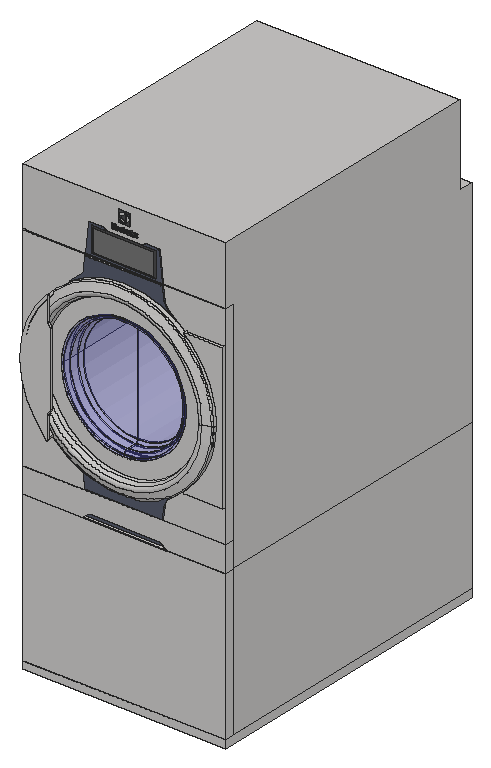
Revit family "QF_ELECTROLUXPROFESSIONAL_1L059Z_TD6-20_G", category Attrezzature speciali, Revit 2021
Family settings
  Quota connettore circolare = Usa diametro
  Tipo di parte = Normale
  Basato su piano di lavoro = No
  Sempre verticale = Sì
  Taglio con vuoti quando caricato = No
  Condiviso = No
  Punto di calcolo locali = No
Parameters (values of type "9873830289")
  Weight = 243
  Watts = 1000 W
  Volts = 200 V
  URL = "www.electroluxprofessional.com"
  Steam Pounds per Hour = 0
  Show Logo [instance] = yes
  Show Clearance [instance] = yes
  Sensible Heat Output = "0.0"
  Prospetto di default = 0 mm
  Produttore = "Electrolux Professional"
  Phase = 3
  Modello = "TD6-20"
  Length Actual = 790 mm
  Latent Heat Output = "0.0"
  Item Number = "1L0HAB"
  Height Actual = 1771 mm
  Gas KW = 0
  Descrizione = "TUMBLE DRYER TD6-20 20KG SST DRUM GPL 21KW 200/50/3 COMPASS PRO 6L85 JP SILVER DO.RIGHT DISCON. EXT.CONN."
  Depth Actual = 1202 mm
  Cycle = 50 Hz
  Corrente [instance] = "0.0"
Types (42, lengths in mm): name | Watts | Volts | Phase | Item Number | Gas KW | Descrizione | Cycle | Corrente
  (no name) | 1000 W | 200 V | 3 | "1L0HAB" | 0 | "TUMBLE DRYER TD6-20 20KG SST DRUM GPL 21KW 200/50/3 COMPASS PRO 6L85 JP SILVER DO.RIGHT DISCON. EXT.CONN." | 50 Hz | "0.0"
  9873830214 | 1000 W | 400 V | 3 | "1LSPAE" | 21 | "TUMBLE DRYER TD6-20 20KG SST DRUM GAS 21KW 400/50/3N COMPASS PRO 6L80 EU SILVER DO.RIGHT EXT.PM. DISCON. 2.I/O" | 50 Hz | "1.4"
  9873830067 | 1200 W | 240 V | 1 | "1L0EHL" | 21 | "TUMBLE DRYER TD6-20 20KG GALVA.DRUM GAS 21KW 208-240/60/1 COMPASS PRO 6G82 EU SILVER DO.RIGHT STOP DISCON. EXT.CONN." | 60 Hz | "5.8"
  9873830032 | 1000 W | 400 V | 3 | "1L0EDG" | 21 | "TUMBLE DRYER TD6-20 20KG SST DRUM GAS 21KW 400/50/3 COMPASS PRO 6G81 EU SILVER DO.RIGHT MB STOP DISCON." | 50 Hz | "1.4"
  9873830022 | 1000 W | 240 V | 3 | "1LSN2R" | 21 | "TUMBLE DRYER TD6-20 20KG GALVA.DRUM GAS 21KW 240/60/3 COMPASS PRO 6G81 EU SILVER DO.RIGHT MB STOP DISCON." | 60 Hz | "2.4"
  9873830227 | 1200 W | 240 V | 1 | "1L0GNG" | 21 | "TUMBLE DRYER TD6-20 20KG GALVA.DRUM GAS 21KW 240/50/1N COMPASS PRO 6L80 EU SILVER DO.RIGHT EXT.PM. 2.I/O" | 50 Hz | "5.0"
  9873830110 | 1000 W | 400 V | 3 | "1LSN52" | 21 | "TUMBLE DRYER TD6-20 20KG GALVA.DRUM GAS 21KW 400/50/3N COMPASS PRO 6G81 EU SILVER DO.RIGHT MB STOP DISCON." | 50 Hz | "1.4"
  9873830100 | 1200 W | 230 V | 1 | "1L0EJG" | 21 | "TUMBLE DRYER TD6-20 20KG GALVA.DRUM GAS 21KW 230/50/1N COMPASS PRO 6G81 EU SILVER DO.RIGHT MB STOP DISCON." | 50 Hz | "5.2"
  9873830128 | 1000 W | 415 V | 3 | "1LSN8P" | 21 | "TUMBLE DRYER TD6-20 20KG SST DRUM GAS 21KW 380-415/60/3 COMPASS PRO 6G81 EU SST DO.LEFT MB STOP DISCON." | 60 Hz | "1.5"
  9873830190 | 1200 W | 240 V | 1 | "1LSNVC" | 21 | "TUMBLE DRYER TD6-20 20KG GALVA.DRUM GAS 21KW 240/60/1N COMPASS PRO 6G82 EU SILVER DO.RIGHT STOP DISCON." | 60 Hz | "5.0"
  9873830178 | 1000 W | 400 V | 3 | "1LSNSH" | 21 | "TUMBLE DRYER TD6-20 20KG GALVA.DRUM GAS 21KW 400/50/3 COMPASS PRO 6L80 EU SILVER DO.RIGHT" | 50 Hz | "1.4"
  9873830071 | 1200 W | 240 V | 1 | "1L0EHR" | 21 | "TUMBLE DRYER TD6-20 20KG GALVA.DRUM GAS 21KW 208-240/60/1 COMPASS PRO 6G81 EU SILVER DO.RIGHT MB STOP DISCON. EXT.CONN." | 60 Hz | "5.8"
  9873830091 | 1000 W | 415 V | 3 | "1L80E6" | 21 | "TUMBLE DRYER TD6-20 20KG GALVA.DRUM GAS 21KW 380-415/50/3 COMPASS PRO 6L80 EU SILVER DO.RIGHT EXT.PM. DISCON. 2.I/O" | 50 Hz | "1.5"
  9873830125 | 1200 W | 230 V | 1 | "1LSN8H" | 21 | "TUMBLE DRYER TD6-20 20KG GALVA.DRUM GAS 21KW 230/50/1N COMPASS PRO 6L80 EU SILVER DO.RIGHT EXT.PM. DISCON. 2.I/O" | 50 Hz | "5.2"
  9873830175 | 1200 W | 230 V | 1 | "1LSNSE" | 21 | "TUMBLE DRYER TD6-20 20KG GALVA.DRUM GAS 21KW 230/50/1N COMPASS PRO 6L80 EU SILVER DO.LEFT" | 50 Hz | "5.2"
  9873830099 | 1000 W | 400 V | 3 | "1L0EJ1" | 21 | "TUMBLE DRYER TD6-20 20KG GALVA.DRUM GAS 21KW 400/50/3 COMPASS PRO 6G81 EU SILVER DO.RIGHT MB STOP DISCON." | 50 Hz | "1.4"
  9873830122 | 1000 W | 240 V | 3 | "1L0EL1" | 21 | "TUMBLE DRYER TD6-20 20KG GALVA.DRUM GAS 21KW 208-240/60/3 COMPASS PRO 6L80 EU SILVER DO.LEFT" | 60 Hz | "2.8"
  9873830102 | 1000 W | 415 V | 3 | "1L0EJJ" | 21 | "TUMBLE DRYER TD6-20 20KG SST DRUM GAS 21KW 380-415/60/3 COMPASS PRO 6G81 EU SST DO.RIGHT.INS. MB STOP DISCON. EXT.CONN." | 60 Hz | "1.5"
  9873830235 | 1000 W | 220 V | 3 | "1L0GVX" | 21 | "TUMBLE DRYER TD6-20 20KG SST DRUM GAS 21KW 220/60/3 COMPASS PRO 6G82 EU SILVER DO.RIGHT STOP DISCON." | 60 Hz | "2.6"
  9873830172 | 1000 W | 230 V | 3 | "1LSNPT" | 21 | "TUMBLE DRYER TD6-20 20KG GALVA.DRUM GAS 21KW 230/50/3 COMPASS PRO 6G81 EU SILVER DO.RIGHT MB STOP DISCON." | 50 Hz | "2.5"
  9873830215 | 1000 W | 400 V | 3 | "1LSPAF" | 21 | "TUMBLE DRYER TD6-20 20KG SST DRUM GAS 21KW 400/50/3N COMPASS PRO 6G82 EU SILVER DO.RIGHT STOP DISCON." | 50 Hz | "1.4"
  9873830033 | 1000 W | 400 V | 3 | "1L0EDH" | 21 | "TUMBLE DRYER TD6-20 20KG SST DRUM GAS 21KW 400/50/3 COMPASS PRO 6G82 EU SILVER DO.RIGHT STOP DISCON." | 50 Hz | "1.4"
  9873830192 | 1000 W | 240 V | 3 | "1LSNYA" | 21 | "TUMBLE DRYER TD6-20 20KG GALVA.DRUM GAS 21KW 208-240/60/3 COMPASS PRO 6G82 EU SILVER DO.RIGHT STOP DISCON. EXT.CONN." | 60 Hz | "2.8"
  9873830200 | 1200 W | 230 V | 1 | "1LA0AG" | 21 | "TUMBLE DRYER TD6-20 20KG GALVA.DRUM GAS 21KW 230/50/1N COMPASS PRO 6G81 EU SILVER DO.LEFT MB STOP DISCON." | 50 Hz | "5.2"
  9873830270 | 1000 W | 200 V | 3 | "1LT5ZF" | 0 | "TUMBLE DRYER TD6-20 20KG SST DRUM GPL 21KW 200/50/3 COMPASS PRO 6G86 JP SILVER DO.RIGHT DISCON." | 50 Hz | "0.0"
  9873830290 | 1000 W | 200 V | 3 | "1L0HAC" | 0 | "TUMBLE DRYER TD6-20 20KG SST DRUM GPL 21KW 200/60/3 COMPASS PRO 6L85 JP SILVER DO.RIGHT DISCON. EXT.CONN." | 60 Hz | "0.0"
  9873830177 | 1200 W | 230 V | 1 | "1LSNSG" | 21 | "TUMBLE DRYER TD6-20 20KG SST DRUM GAS 21KW 230/50/1N COMPASS PRO 6L80 EU SILVER DO.RIGHT" | 50 Hz | "5.2"
  9873830302 | 1000 W | 400 V | 3 | "1LT6HY" | 0 | "TUMBLE DRYER TD6-20 20KG SST DRUM GAS 21KW 400/50/3 COMPASS PRO 6G81 EU SILVER DO.RIGHT MB DSC STOP DISCON." | 50 Hz | "0.0"
  9873830187 | 1200 W | 240 V | 1 | "1LSNV9" | 21 | "TUMBLE DRYER TD6-20 20KG GALVA.DRUM GAS 21KW 240/60/1N COMPASS PRO 6G81 EU SILVER DO.RIGHT MB STOP DISCON." | 60 Hz | "5.0"
  9873830288 | 1000 W | 240 V | 1 | "1L0H9R" | 0 | "TUMBLE DRYER TD6-20 20KG SST DRUM GAS 21KW 208-240/60/1 COMPASS PRO 6G81 EU SST DO.LEFT MB STOP DISCON." | 60 Hz | "0.0"
  9873830213 | 1000 W | 415 V | 3 | "1LSPAD" | 21 | "TUMBLE DRYER TD6-20 20KG GALVA.DRUM GAS 21KW 380-415/50/3N COMPASS PRO 6L80 EU SILVER DO.RIGHT EXT.PM. DISCON. 2.I/O" | 50 Hz | "1.5"
  9873830066 | 1000 W | 400 V | 3 | "1L0EHK" | 21 | "TUMBLE DRYER TD6-20 20KG SST DRUM GAS 21KW 400/50/3 COMPASS PRO 6L80 EU SILVER DO.RIGHT EXT.PM. DISCON. 2.I/O" | 50 Hz | "1.4"
  9873830273 | 1000 W | 200 V | 3 | "1LT5ZJ" | 0 | "TUMBLE DRYER TD6-20 20KG SST DRUM GPL 21KW 200/60/3 COMPASS PRO 6G86 JP SILVER DO.RIGHT DISCON." | 60 Hz | "0.0"
  9873830293 | 1000 W | 230 V | 1 | "1LM09V" | 0 | "TUMBLE DRYER TD6-20 20KG GALVA.DRUM GAS 21KW 230/50/1N COMPASS PRO 6L80 EU SILVER DO.RIGHT" | 50 Hz | "0.0"
  9873830114 | 1000 W | 400 V | 3 | "1LSN62" | 21 | "TUMBLE DRYER TD6-20 20KG GALVA.DRUM GAS 21KW 400/50/3N COMPASS PRO 6G81 EU SILVER DO.RIGHT.INS. MB STOP DISCON." | 50 Hz | "1.4"
  9873830121 | 1200 W | 240 V | 1 | "1L0EL0" | 21 | "TUMBLE DRYER TD6-20 20KG GALVA.DRUM GAS 21KW 208-240/60/1 COMPASS PRO 6L80 EU SILVER DO.LEFT" | 60 Hz | "5.8"
  9873830216 | 1000 W | 400 V | 3 | "1LSPAG" | 21 | "TUMBLE DRYER TD6-20 20KG SST DRUM GAS 21KW 400/50/3N COMPASS PRO 6G81 EU SILVER DO.RIGHT MB STOP DISCON." | 50 Hz | "1.4"
  9873830101 | 1200 W | 230 V | 1 | "1L0EJH" | 21 | "TUMBLE DRYER TD6-20 20KG GALVA.DRUM GAS 21KW 230/50/1N COMPASS PRO 6G82 EU SILVER DO.RIGHT STOP DISCON." | 50 Hz | "5.2"
  9873830119 | 1000 W | 415 V | 3 | "1L8219" | 21 | "TUMBLE DRYER TD6-20 20KG GALVA.DRUM GAS 21KW 380-415/50/3N COMPASS PRO 6G82 EU SILVER DO.LEFT STOP DISCON." | 50 Hz | "1.5"
  9873830070 | 1200 W | 240 V | 1 | "1L0EHP" | 21 | "TUMBLE DRYER TD6-20 20KG SST DRUM GAS 21KW 208-240/60/1 COMPASS PRO 6G82 EU SST DO.RIGHT.INS. STOP DISCON. EXT.CONN." | 60 Hz | "5.8"
  9873830259 | 1000 W | 415 V | 3 | "1L0H1W" | 21 | "TUMBLE DRYER TD6-20 20KG SST DRUM GAS 21KW 380-415/60/3 COMPASS PRO 6G82 EU SST DO.RIGHT DSC STOP DISCON." | 60 Hz | "1.5"
  9873830289 | 1000 W | 200 V | 3 | "1L0HAB" | 0 | "TUMBLE DRYER TD6-20 20KG SST DRUM GPL 21KW 200/50/3 COMPASS PRO 6L85 JP SILVER DO.RIGHT DISCON. EXT.CONN." | 50 Hz | "0.0"
Reference planes
  plane 1: z = 0
  plane 2 "BACK": y = 652.5
  plane 3 "FRONT": y = -549.5
  plane 4 "LEFT": x = -799
  plane 5 "RIGHT": x = -6
  plane 6 "TOP": z = 1771
  plane 7: y = -601.5
  plane 8: y = -1323.5
Forms (mm)
  Extrusion 1, solid, material "QF_Finishes_Stainless Steel"
    sketch origin (718.1, -398.1, 598.796) x (0, 0, -1) y (0, 1, 0)
      loop
        line (-14.704, 1050.6) -> (-855.66, 1050.6) -> (-855.66, 994.6) -> (-941.204, 994.6) -> (-941.204, -115.453) -> (-14.704, -115.453) -> (-14.704, 1050.6)
    from -1517.1 to -724.1
  Extrusion 2, solid, material "QF_Finishes_Stainless Steel"
    sketch origin (718.1, -368.1, 598.796) x (0, 0, -1) y (0, 1, 0)
      loop
        line (568.796, -145.453) -> (568.796, 1020.6) -> (-14.704, 1020.6) -> (-14.704, -145.453) -> (568.796, -145.453)
    from -1517.1 to -724.1
  Sweep 3, solid, material "QF_Finishes_Black"
    path origin (686.327, -549.5, 1684.42) x (0, 0, -1) y (1, 0, 0)
      loop
        line (131.445, -962.809) -> (32.707, -962.809) -> (32.707, -1214.809) -> (131.445, -1214.809) -> (131.445, -962.809)
    profile origin (-276.482, -549.5, 1602.344) x (-1, 0, 0) y (0, -1, 0)
      loop
        line (5, 0) -> (5, 5)
        arc (5, 5) -> (1.464, 3.536) -> (0, 0) r 5
        line (0, 0) -> (5, 0)
  Extrusion 4, solid, material "QF_Finishes_Dark Grey"
    sketch origin (686.327, -549.5, 1684.42) x (0, 0, -1) y (1, 0, 0)
      loop
        line (126.445, -1209.809) -> (126.445, -967.809) -> (37.707, -967.809) -> (37.707, -1209.809) -> (126.445, -1209.809)
    from 0 to 4
  Extrusion 5, void
    sketch origin (889, -517.06, 1195.994) x (0, 0, -1) y (1, 0, 0)
      loop
        circle (69.994, -1291.5) r 245
    from -451.9 to 33.109
  Extrusion 6, solid, material "QF_Finishes_Stainless Steel"
    sketch origin (718.1, 596.5, 1540) x (0, 0, -1) y (-1, 0, 0)
      loop
        circle (43, 786.1) r 12.7
    from 0 to 5
  Extrusion 7, solid, material "QF_Finishes_Stainless Steel"
    sketch origin (653.455, 652.5, 172.018) x (0, 0, 1) y (1, 0, 0)
      loop
        circle (67.982, -1277.455) r 100
    from 0 to 5
  Extrusion 8, solid, material "QF_Finishes_Stainless Steel"
    sketch origin (-499, 0, 0) x (0, 1, 0) y (0, 0, 1)
      loop
        line (596.5, 1540) -> (596.5, 1771) -> (-549.5, 1771) -> (-549.5, 1541.816)
        arc (-549.5, 1541.816) -> (-548.968, 1540.532) -> (-547.684, 1540) r 1.816
        line (-547.684, 1540) -> (596.5, 1540)
    from -300 to 493
  Extrusion 9, solid, material "QF_Finishes_Stainless Steel"
    sketch origin (0, 0, 1114.3) x (-1, 0, 0) y (0, -1, 0)
      loop
        line (799, -652.5) -> (799, 549.5) -> (6, 549.5) -> (6, -652.5) -> (799, -652.5)
    from -1114.3 to -1084.3
  Extrusion 10, solid, material "QF_Finishes_Stainless Steel"
    sketch origin (-499, -118.96, 0) x (0, 1, 0) y (0, 0, 1)
      loop
        line (-394.593, 1540) -> (-430.54, 1540) -> (-430.54, 713.5) -> (-394.593, 713.5) -> (-394.593, 1540)
    from -300 to 493
  Extrusion 11, solid, material "QF_Finishes_Stainless Steel"
    sketch origin (-499, -118.96, 0) x (0, 1, 0) y (0, 0, 1)
      loop
        line (-430.54, 713.5) -> (-430.54, 613.5) -> (-394.593, 613.5) -> (-394.593, 713.5) -> (-430.54, 713.5)
    from -300 to 493
  Extrusion 12, solid, material "QF_Finishes_Stainless Steel"
    sketch origin (-499, -118.96, 0) x (0, 1, 0) y (0, 0, 1)
      loop
        line (-394.593, 613.5) -> (-430.54, 613.5) -> (-430.54, 30) -> (-394.593, 30) -> (-394.593, 613.5)
    from -300 to 493
  Sweep 13, solid, material "QF_Finishes_Stainless Steel"
    path origin (-409, -549.5, 1444.576) x (0, 0, -1) y (1, 0, 0)
      loop
        circle (318.576, 6.5) r 366.295
    profile origin (-402.5, -549.5, 1492.295) x (0, 0, -1) y (0, -1, 0)
      loop
        line (0, 0) -> (60.401, 0)
        arc (60.401, 0) -> (59.825, 6.814) -> (57.535, 13.257) r 26.651
        line (57.535, 13.257) -> (49.537, 28.994)
        arc (49.537, 28.994) -> (42.511, 35.32) -> (33.058, 35.302) r 13.156
        line (33.058, 35.302) -> (4.309, 24.168)
        arc (4.309, 24.168) -> (1.18, 21.691) -> (0, 17.88) r 6.744
        line (0, 17.88) -> (0, 0)
  Extrusion 14, solid, material "QF_Finishes_Stainless Steel"
    sketch origin (889, -689.525, 1195.994) x (0, 0, -1) y (1, 0, 0)
      loop
        line (353.669, -897.598) -> (-212.997, -897.549) -> (-213.01, -1046.361)
        arc (-213.01, -1046.361) -> (-212.131, -1048.481) -> (-210.011, -1049.36) r 2.999
        line (-210.011, -1049.36) -> (-204.852, -1049.36)
        arc (-204.852, -1049.36) -> (-80.8, -957.683) -> (69.994, -925.205) r 366.295
        arc (69.994, -925.205) -> (220.927, -957.746) -> (345.042, -1049.589) r 366.295
        line (345.042, -1049.589) -> (350.683, -1049.589)
        arc (350.683, -1049.589) -> (352.804, -1048.711) -> (353.682, -1046.59) r 2.999
        line (353.682, -1046.59) -> (353.669, -897.598)
    from -140.025 to -130.025
  Revolve 15, solid, material "QF_Door-Drawer Clearances", visible <- "Show Clearance", detail levels coarse
    sketch origin (889, -601.5, 1195.994) x (0, 0, -1) y (1, 0, 0)
      loop
        circle (69.994, -1291.5) r 366.295
      axis (69.994, -924.023) -> (68.994, -924.023)
    angle from 0 to -90
  Revolve 16, solid, material "QF_Finishes_Glass"
    sketch origin (-402.863, -289.313, 555.02) x (0, 1, 0) y (0, 0, 1)
      loop
        arc (-190.673, 783.338) -> (-195.066, 793.945) -> (-205.673, 798.338) r 15
        line (-205.673, 798.338) -> (-244.95, 798.338)
        arc (-244.95, 798.338) -> (-252.021, 801.267) -> (-254.95, 808.338) r 10
        line (-254.95, 808.338) -> (-254.95, 816.338) -> (-259.95, 816.338) -> (-259.95, 808.338)
        arc (-259.95, 808.338) -> (-255.556, 797.732) -> (-244.95, 793.338) r 15
        line (-244.95, 793.338) -> (-205.673, 793.338)
        arc (-205.673, 793.338) -> (-198.602, 790.409) -> (-195.673, 783.338) r 10
        line (-195.673, 783.338) -> (-195.673, 570.975) -> (-190.673, 570.975) -> (-190.673, 783.338)
      axis (-259.95, 570.975) -> (-190.673, 570.975)
    angle from 0 to 360
  Extrusion 17, solid, material "QF_Finishes_Stainless Steel"
    sketch origin (-529, -549.5, 1444.576) x (0, 0, -1) y (1, 0, 0)
      loop
        arc (176.622, -119.08) -> (174.216, -119.45) -> (172.033, -120.527) r 8
        line (172.033, -120.527) -> (158.099, -130.284)
        arc (158.099, -130.284) -> (155.934, -131.338) -> (153.554, -131.7) r 8
        line (153.554, -131.7) -> (65.736, -131.7)
        arc (65.736, -131.7) -> (63.285, -133.352) -> (63.896, -136.244) r 2.645
        arc (63.896, -136.244) -> (318.617, -239.419) -> (573.315, -136.187) r 365.919
        arc (573.315, -136.187) -> (573.918, -133.331) -> (571.497, -131.7) r 2.612
        line (571.497, -131.7) -> (483.599, -131.7)
        arc (483.599, -131.7) -> (481.193, -131.33) -> (479.01, -130.253) r 8
        line (479.01, -130.253) -> (465.119, -120.527)
        arc (465.119, -120.527) -> (462.936, -119.45) -> (460.53, -119.08) r 8
        line (460.53, -119.08) -> (176.622, -119.08)
    from 47.713 to 52
  Extrusion 18, solid, material "QF_Finishes_Stainless Steel"
    sketch origin (-529, -601.5, 1444.576) x (0, 0, -1) y (1, 0, 0)
      loop
        arc (63.896, -136.244) -> (318.617, -239.419) -> (573.315, -136.187) r 365.919
        line (573.315, -136.187) -> (563.547, -131.7)
        arc (563.547, -131.7) -> (318.584, -229.419) -> (73.616, -131.711) r 355.919
        line (73.616, -131.711) -> (63.896, -136.244)
    from -4.287 to -34.753
  Extrusion 19, void
    sketch origin (-401.334, -549.5, 611.842) x (0, 0, 1) y (1, 0, 0)
      loop
        arc (1.908, -169.725) -> (2.027, -168.962) -> (2.374, -168.272) r 2.499
        line (2.374, -168.272) -> (21.699, -140.672)
        arc (21.699, -140.672) -> (23.335, -137.382) -> (23.898, -133.751) r 11.994
        line (23.898, -133.751) -> (23.897, 130.467)
        arc (23.897, 130.467) -> (23.336, 134.095) -> (21.703, 137.383) r 11.994
        line (21.703, 137.383) -> (2.374, 164.988)
        arc (2.374, 164.988) -> (2.027, 165.678) -> (1.908, 166.441) r 2.499
        line (1.908, 166.441) -> (1.908, -169.725)
    from 0 to 13.427
  Extrusion 20, solid, material "QF_Finishes_Blue"
    sketch origin (-499, -549.5, 893.425) x (0, 0, 1) y (-1, 0, 0)
      loop
        arc (767.274, 37.584) -> (765.819, 41.099) -> (762.304, 42.555) r 4.971
        line (762.304, 42.555) -> (650.575, 54.795) -> (650.575, -247.832) -> (761.659, -235.663)
        arc (761.659, -235.663) -> (765.63, -234.018) -> (767.274, -230.047) r 5.615
        line (767.274, -230.047) -> (767.274, -186.505)
        arc (767.274, -186.505) -> (766.484, -180.953) -> (764.209, -175.828) r 20.351
        line (764.209, -175.828) -> (758.288, -166.304) -> (758.288, -222.518) -> (659.55, -222.518) -> (659.55, 29.482) -> (758.288, 29.482) -> (758.288, -26.732) -> (764.209, -17.208)
        arc (764.209, -17.208) -> (766.483, -12.086) -> (767.274, -6.538) r 20.35
        line (767.274, -6.538) -> (767.274, 37.584)
    from 0 to 1.6
  Extrusion 21, solid, material "QF_Finishes_Blue"
    sketch origin (-499, -549.5, 893.425) x (0, 0, 1) y (-1, 0, 0)
      loop
        arc (594.486, 60.933) -> (579.244, 65.533) -> (566.695, 75.331) r 43.3
        line (566.695, 75.331) -> (532.276, 114.098)
        arc (532.276, 114.098) -> (598.87, -96.026) -> (532.82, -306.322) r 366.295
        line (532.82, -306.322) -> (566.695, -268.167)
        arc (566.695, -268.167) -> (579.244, -258.37) -> (594.486, -253.77) r 43.3
        line (594.486, -253.77) -> (642.075, -248.6) -> (642.075, 55.764) -> (594.486, 60.933)
    from 0 to 1.6
  Extrusion 22, solid, material "QF_Finishes_Blue"
    sketch origin (-499, -549.5, 893.425) x (0, 0, 1) y (-1, 0, 0)
      loop
        line (-129.403, 60.926) -> (-176.925, 55.764) -> (-176.925, -248.6) -> (-129.403, -253.763)
        arc (-129.403, -253.763) -> (-114.123, -258.355) -> (-101.544, -268.169) r 43.3
        line (-101.544, -268.169) -> (-67.671, -306.321)
        arc (-67.671, -306.321) -> (-133.72, -96.026) -> (-67.127, 114.098) r 366.295
        line (-67.127, 114.098) -> (-101.544, 75.332)
        arc (-101.544, 75.332) -> (-114.123, 65.518) -> (-129.403, 60.926) r 43.3
    from 0 to 1.6
  Extrusion 23, solid, material "QF_Finishes_Stainless Steel"
    sketch origin (718.1, 596.5, 1540) x (0, 0, -1) y (-1, 0, 0)
      loop
        circle (43, 834.1) r 12.7
    from 0 to 5
Cuts and joins
  Extrusion 5 cuts Extrusion 1
  Extrusion 5 cuts Extrusion 8
  joined: Extrusion 1, Extrusion 8
  Extrusion 5 cuts Extrusion 10
  Extrusion 19 cuts Extrusion 11
  joined: Sweep 13, Extrusion 14, Extrusion 17, Extrusion 18
Lines and regions (mm)
  Split face 1
    outline origin (-6, -549.5, 1540) x (-1, 0, 0) y (0, 0, -1)
      loop
        circle (396.5, 414) r 305.895
  symbolic lines
    curve 1: line (-6, 652.5, 1771) -> (-799, 652.5, 1771)
    curve 2: line (-799, -549.5, 1771) -> (-6, -549.5, 1771)
    curve 3: line (-6, 652.5, 0) -> (-6, -549.5, 0)
    curve 4: line (-799, 652.5, 0) -> (-799, -549.5, 0)
    curve 6: line (-6, 596.5, 0) -> (-799, 596.5, 0)
  symbolic lines, style "QF_Door-Drawer Clearances", visible <- "Show Clearance"
    curve 5: line (-6, -1323.5, 0) -> (-6, -549.5, 0)
    curve 7: arc (-768.795, -549.5, 0) -> (-549.88, -1096.63, 0) -> (-6, -1323.5, 0) r 761.144
  symbolic lines, style "SpecialityEquipment"
    curve 8: line (-8.549, -559.5, 0) -> (-8.549, -549.5, 0)
    curve 9: line (-160.36, -559.5, 0) -> (-8.549, -559.5, 0)
    curve 10: line (-160.36, -549.5, 0) -> (-160.36, -559.5, 0)
    curve 11: line (-768.419, -601.5, 0) -> (-659.284, -601.5, 0)
    curve 12: line (-659.284, -597.213, 0) -> (-758.419, -597.213, 0)
    curve 13: line (-758.419, -569.602, 0) -> (-758.419, -597.213, 0)
    curve 14: line (-659.284, -597.213, 0) -> (-659.284, -601.5, 0)
    curve 15: line (-768.419, -569.602, 0) -> (-758.419, -569.602, 0)
    curve 16: line (-74.013, -585.689, 0) -> (-758.419, -585.689, 0)
    curve 17: line (-768.419, -569.602, 0) -> (-768.419, -601.5, 0)
    curve 18: line (-40.513, -573.668, 0) -> (-758.419, -573.668, 0)
    curve 19: line (-768.795, -549.5, 0) -> (-768.795, -567.38, 0)
    curve 20: arc (-768.795, -567.38, 0) -> (-768.701, -568.507, 0) -> (-768.419, -569.602, 0) r 6.744
    curve 21: line (-36.205, -559.5, 0) -> (-36.205, -567.38, 0)
    curve 22: line (-40.513, -573.668, 0) -> (-69.262, -584.802, 0)
    curve 23: arc (-36.205, -567.38, 0) -> (-37.385, -571.191, 0) -> (-40.513, -573.668, 0) r 6.744
    curve 24: arc (-74.013, -585.689, 0) -> (-71.597, -585.465, 0) -> (-69.262, -584.802, 0) r 13.156
Dimensions and locks
  plane 4 "LEFT" to plane 5 "RIGHT" = 793 mm
  plane 2 "BACK" to plane 3 "FRONT" = 1202 mm
  plane 6 "TOP" to level = 1771 mm
  Extrusion 2 to Extrusion 2 = 583.5 mm
  Extrusion 6 sketch curve to plane 6 "TOP" = 274 mm
  plane 5 "RIGHT" to Extrusion 6 sketch curve = 62 mm
  Extrusion 23 sketch curve to plane 6 "TOP" = 274 mm
  plane 5 "RIGHT" to Extrusion 23 sketch curve = 110 mm
  level to Extrusion 7 sketch curve = 240 mm
  Extrusion 7 sketch curve to plane 4 "LEFT" = 175 mm
  plane 2 "BACK" to plane 7 = 1254 mm
  plane 2 "BACK" to plane 8 = 1976 mm
  aligned and locked: level to plane 1
  aligned and locked: Extrusion 1 to plane 4 "LEFT"
  aligned and locked: plane 5 "RIGHT" to Extrusion 1
  aligned and locked: Extrusion 2 to plane 4 "LEFT"
  aligned and locked: plane 5 "RIGHT" to Extrusion 2
  aligned and locked: plane 5 "RIGHT" to Extrusion 8
  aligned and locked: Extrusion 8 to plane 4 "LEFT"
  aligned and locked: plane 5 "RIGHT" to Extrusion 12
  aligned and locked: Extrusion 12 to plane 4 "LEFT"
  aligned and locked: Extrusion 11 to plane 4 "LEFT"
  aligned and locked: plane 5 "RIGHT" to Extrusion 11
  aligned and locked: Extrusion 10 to plane 4 "LEFT"
  aligned and locked: plane 5 "RIGHT" to Extrusion 10
  aligned and locked: Extrusion 18 to Extrusion 17
Nested families
  nested 1: "ELX_Logo_S_New" at (-415.511, -549.5, 1674.59) x (1, 0, 0) z (0, -1, 0), visible <- "Show Logo", type "ELX_Logo_S_New"
    with Material QF_Finishes_Black
  nested 2: "ELX_Logo_Symbol_S" at (-394.886, -549.5, 1729.274) x (-1, 0, 0) z (0, -1, 0), visible <- "Show Logo", type "ELX_Logo_Symbol_S"
    with Material QF_Finishes_Black
Connectors
  piping at (-624, 657.5, 240), diameter 200
    settings: on Extrusion 7, index 3, connector inside diameter 609.6 mm, connector length 0 mm, flow factor 0, pipe flow 0.0 L/s, pressure drop 0.0 Pa, fitting loss kfactor 0, connector angle 0.00°, fixture units 0, engagement length 0 mm, angle of deflection 0.00°, flow configuration 1, flow direction 2, fitting loss method 0, system type 7, joint type 0, gender type 0, connector reference index -1, connector utility 0, adjustable connector no, is connector primary yes, connector description "Exhaust Connection"
  electrical at (-68, 601.5, 1497)
    settings: on Extrusion 6, index 4, voltage 0 V, apparent load 0 VA, apparent load phase1 0 VA, apparent load phase2 0 VA, apparent load phase3 0 VA, power factor 1, load classification "Other", number of poles 1, system type 30, power factor state 1, is connector primary yes, connector utility no, sub classification motor no, connector description "Electrical Connection"
  piping at (-116, 601.5, 1497), diameter 25.4
    settings: on Extrusion 23, index 5, connector inside diameter 609.6 mm, connector length 0 mm, flow factor 0, pipe flow 0.0 L/s, pressure drop 0.0 Pa, fitting loss kfactor 0, connector angle 0.00°, fixture units 0, engagement length 0 mm, angle of deflection 0.00°, flow configuration 1, flow direction 1, fitting loss method 0, system type 7, joint type 0, gender type 0, connector reference index -1, connector utility 0, adjustable connector no, is connector primary no, connector description "Gas Connection"
Definition of nested family "ELX_Logo_S_New"
  Parameters
    Material [instance] = none
    Default Elevation = 0 mm
  Reference planes
    plane 1 "Centro (Fronte/Retro)": y = 0
    plane 2: z = 0
    plane 3 "Centro (Sinistra/Destra)": x = 0
  Forms (mm)
    Extrusion 1, solid
      sketch origin (0, 0, 0) x (1, 0, 0) y (0, 1, 0)
        loop
          line (-1219.2, 1219.2) -> (-1219.2, -1219.2) -> (1219.2, -1219.2) -> (1219.2, 1219.2) -> (-1219.2, 1219.2)
      from 0 to -304.8
    Extrusion 2, solid, material <- "Material"
      sketch origin (0, 0, 0) x (1, 0, 0) y (0, 1, 0)
        loop
          spline (-31.006, -2.781) -> (-31.24, -2.771) -> (-31.49, -2.739) -> (-31.748, -2.68) -> (-32.009, -2.591) -> (-32.264, -2.469) -> (-32.508, -2.308) -> (-32.732, -2.105) -> (-32.932, -1.857) -> (-33.099, -1.559) -> (-33.226, -1.207) -> (-33.308, -0.798) -> (-33.337, -0.327)
          line (-33.337, -0.327) -> (-33.337, 1.761) -> (-26.444, 1.761) -> (-26.444, 4.423) -> (-33.338, 4.423) -> (-33.338, 8.299) -> (-26.005, 8.299) -> (-26.005, 10.954) -> (-36.159, 10.954) -> (-36.159, -0.206)
          spline (-36.159, -0.206) -> (-36.134, -0.893) -> (-36.057, -1.54) -> (-35.927, -2.145) -> (-35.743, -2.707) -> (-35.503, -3.222) -> (-35.206, -3.689) -> (-34.85, -4.106) -> (-34.433, -4.47) -> (-33.955, -4.779) -> (-33.414, -5.031) -> (-32.809, -5.223) -> (-32.137, -5.354)
          line (-32.137, -5.354) -> (-31.029, -5.433) -> (-25.809, -5.433) -> (-25.809, -2.781) -> (-31.006, -2.781)
        loop
          line (-23.804, 3.211) -> (-23.804, -5.437) -> (-20.982, -5.437) -> (-20.982, 10.958) -> (-23.804, 10.958) -> (-23.804, 3.211)
        loop
          spline (-7.052, -0.2) -> (-7.034, 0.688) -> (-7.119, 1.546) -> (-7.304, 2.368) -> (-7.586, 3.144) -> (-7.962, 3.868) -> (-8.426, 4.531) -> (-8.977, 5.126) -> (-9.61, 5.644) -> (-10.321, 6.077) -> (-11.107, 6.419) -> (-11.964, 6.66) -> (-12.889, 6.793)
          spline (-12.889, 6.793) -> (-13.767, 6.742) -> (-14.602, 6.592) -> (-15.387, 6.346) -> (-16.116, 6.008) -> (-16.782, 5.583) -> (-17.379, 5.073) -> (-17.902, 4.483) -> (-18.343, 3.816) -> (-18.697, 3.077) -> (-18.958, 2.269) -> (-19.119, 1.395) -> (-19.174, 0.46)
          spline (-19.174, 0.46) -> (-19.121, -0.452) -> (-18.964, -1.304) -> (-18.71, -2.094) -> (-18.362, -2.816) -> (-17.926, -3.468) -> (-17.406, -4.045) -> (-16.808, -4.544) -> (-16.137, -4.96) -> (-15.397, -5.291) -> (-14.594, -5.532) -> (-13.733, -5.679) -> (-12.817, -5.729)
          spline (-12.817, -5.729) -> (-12.371, -5.719) -> (-11.93, -5.685) -> (-11.493, -5.626) -> (-11.062, -5.54) -> (-10.636, -5.425) -> (-10.216, -5.277) -> (-9.8, -5.096) -> (-9.391, -4.879) -> (-8.987, -4.623) -> (-8.588, -4.326) -> (-8.196, -3.987) -> (-7.809, -3.603)
          line (-7.809, -3.603) -> (-9.51, -1.949)
          spline (-9.51, -1.949) -> (-9.734, -2.164) -> (-9.959, -2.362) -> (-10.188, -2.542) -> (-10.422, -2.703) -> (-10.662, -2.846) -> (-10.913, -2.971) -> (-11.174, -3.077) -> (-11.449, -3.163) -> (-11.739, -3.231) -> (-12.047, -3.28) -> (-12.374, -3.309) -> (-12.723, -3.319)
          spline (-12.723, -3.319) -> (-13.234, -3.294) -> (-13.713, -3.219) -> (-14.158, -3.098) -> (-14.568, -2.931) -> (-14.94, -2.72) -> (-15.272, -2.469) -> (-15.562, -2.177) -> (-15.809, -1.849) -> (-16.009, -1.485) -> (-16.162, -1.088) -> (-16.264, -0.659) -> (-16.314, -0.2)
          line (-16.314, -0.2) -> (-7.052, -0.2)
        loop
          spline (-9.888, 1.784) -> (-9.915, 2.133) -> (-9.995, 2.469) -> (-10.124, 2.788) -> (-10.298, 3.088) -> (-10.514, 3.365) -> (-10.768, 3.615) -> (-11.056, 3.836) -> (-11.376, 4.024) -> (-11.722, 4.176) -> (-12.092, 4.289) -> (-12.482, 4.359) -> (-12.889, 4.383)
          spline (-12.889, 4.383) -> (-13.325, 4.36) -> (-13.744, 4.291) -> (-14.144, 4.18) -> (-14.52, 4.03) -> (-14.868, 3.844) -> (-15.186, 3.624) -> (-15.469, 3.375) -> (-15.715, 3.099) -> (-15.919, 2.798) -> (-16.077, 2.477) -> (-16.186, 2.138) -> (-16.243, 1.784)
          line (-16.243, 1.784) -> (-9.888, 1.784)
        loop
          spline (-2.737, 0.532) -> (-2.704, 1.057) -> (-2.61, 1.555) -> (-2.457, 2.022) -> (-2.249, 2.455) -> (-1.991, 2.851) -> (-1.685, 3.205) -> (-1.336, 3.514) -> (-0.948, 3.775) -> (-0.524, 3.984) -> (-0.067, 4.138) -> (0.417, 4.233) -> (0.926, 4.265)
          spline (0.926, 4.265) -> (1.238, 4.255) -> (1.537, 4.226) -> (1.824, 4.178) -> (2.098, 4.112) -> (2.362, 4.027) -> (2.615, 3.925) -> (2.858, 3.806) -> (3.093, 3.67) -> (3.318, 3.518) -> (3.536, 3.349) -> (3.746, 3.165) -> (3.95, 2.966)
          line (3.95, 2.966) -> (5.699, 4.785)
          spline (5.699, 4.785) -> (5.351, 5.133) -> (4.992, 5.446) -> (4.624, 5.724) -> (4.246, 5.969) -> (3.859, 6.181) -> (3.463, 6.362) -> (3.059, 6.512) -> (2.646, 6.633) -> (2.226, 6.725) -> (1.8, 6.79) -> (1.366, 6.828) -> (0.926, 6.841)
          spline (0.926, 6.841) -> (0.044, 6.786) -> (-0.801, 6.626) -> (-1.601, 6.367) -> (-2.349, 6.014) -> (-3.037, 5.573) -> (-3.658, 5.051) -> (-4.204, 4.453) -> (-4.668, 3.785) -> (-5.041, 3.053) -> (-5.318, 2.263) -> (-5.489, 1.421) -> (-5.548, 0.532)
          spline (-5.548, 0.532) -> (-5.489, -0.357) -> (-5.318, -1.199) -> (-5.041, -1.989) -> (-4.668, -2.721) -> (-4.204, -3.389) -> (-3.658, -3.987) -> (-3.037, -4.509) -> (-2.349, -4.95) -> (-1.601, -5.303) -> (-0.801, -5.562) -> (0.044, -5.722) -> (0.926, -5.777)
          spline (0.926, -5.777) -> (1.366, -5.764) -> (1.8, -5.726) -> (2.226, -5.662) -> (2.646, -5.569) -> (3.059, -5.449) -> (3.463, -5.298) -> (3.859, -5.117) -> (4.246, -4.905) -> (4.624, -4.66) -> (4.992, -4.382) -> (5.351, -4.069) -> (5.699, -3.721)
          line (5.699, -3.721) -> (3.95, -1.902)
          spline (3.95, -1.902) -> (3.746, -2.101) -> (3.536, -2.285) -> (3.318, -2.453) -> (3.093, -2.606) -> (2.858, -2.742) -> (2.615, -2.861) -> (2.362, -2.964) -> (2.098, -3.048) -> (1.824, -3.114) -> (1.537, -3.162) -> (1.238, -3.191) -> (0.926, -3.201)
          spline (0.926, -3.201) -> (0.417, -3.169) -> (-0.067, -3.074) -> (-0.524, -2.92) -> (-0.948, -2.711) -> (-1.336, -2.45) -> (-1.685, -2.141) -> (-1.991, -1.787) -> (-2.249, -1.391) -> (-2.457, -0.958) -> (-2.61, -0.491) -> (-2.704, 0.007) -> (-2.737, 0.532)
        loop
          spline (12.895, -2.785) -> (12.646, -2.789) -> (12.379, -2.77) -> (12.102, -2.724) -> (11.82, -2.646) -> (11.542, -2.531) -> (11.274, -2.376) -> (11.024, -2.175) -> (10.797, -1.924) -> (10.602, -1.618) -> (10.445, -1.253) -> (10.334, -0.824) -> (10.275, -0.327)
          line (10.275, -0.327) -> (10.275, 3.855) -> (12.842, 3.855) -> (12.842, 6.419) -> (10.278, 6.419) -> (10.278, 10.958) -> (7.456, 10.958) -> (7.456, -0.488)
          spline (7.456, -0.488) -> (7.516, -1.152) -> (7.626, -1.776) -> (7.785, -2.359) -> (7.996, -2.899) -> (8.26, -3.392) -> (8.577, -3.837) -> (8.951, -4.232) -> (9.38, -4.575) -> (9.868, -4.864) -> (10.415, -5.096) -> (11.023, -5.27) -> (11.693, -5.383)
          line (11.693, -5.383) -> (12.885, -5.437) -> (12.895, -2.785)
        loop
          spline (22.391, 6.583) -> (21.903, 6.613) -> (21.433, 6.605) -> (20.982, 6.558) -> (20.553, 6.476) -> (20.145, 6.358) -> (19.76, 6.207) -> (19.401, 6.022) -> (19.067, 5.807) -> (18.76, 5.561) -> (18.482, 5.286) -> (18.234, 4.984) -> (18.016, 4.655)
          line (18.016, 4.655) -> (18.016, 6.418) -> (15.217, 6.418) -> (15.217, -5.437) -> (18.016, -5.437) -> (18.016, 0.797)
          spline (18.016, 0.797) -> (18.042, 1.269) -> (18.118, 1.71) -> (18.242, 2.117) -> (18.412, 2.488) -> (18.627, 2.822) -> (18.884, 3.117) -> (19.182, 3.371) -> (19.518, 3.583) -> (19.892, 3.751) -> (20.3, 3.873) -> (20.742, 3.947) -> (21.215, 3.972)
          line (21.215, 3.972) -> (22.391, 3.855) -> (22.391, 6.583)
        loop
          spline (35.761, 0.49) -> (35.702, 1.36) -> (35.53, 2.189) -> (35.253, 2.971) -> (34.878, 3.698) -> (34.414, 4.364) -> (33.867, 4.963) -> (33.246, 5.488) -> (32.558, 5.932) -> (31.811, 6.289) -> (31.013, 6.552) -> (30.171, 6.715) -> (29.293, 6.771)
          spline (29.293, 6.771) -> (28.409, 6.715) -> (27.564, 6.552) -> (26.763, 6.289) -> (26.016, 5.932) -> (25.328, 5.488) -> (24.708, 4.963) -> (24.163, 4.364) -> (23.701, 3.698) -> (23.328, 2.971) -> (23.053, 2.189) -> (22.882, 1.36) -> (22.823, 0.49)
          spline (22.823, 0.49) -> (22.882, -0.379) -> (23.053, -1.208) -> (23.328, -1.989) -> (23.701, -2.716) -> (24.163, -3.382) -> (24.708, -3.981) -> (25.328, -4.506) -> (26.016, -4.951) -> (26.763, -5.308) -> (27.564, -5.571) -> (28.409, -5.734) -> (29.293, -5.79)
          spline (29.293, -5.79) -> (30.171, -5.734) -> (31.013, -5.571) -> (31.811, -5.308) -> (32.558, -4.951) -> (33.246, -4.506) -> (33.867, -3.981) -> (34.414, -3.382) -> (34.878, -2.716) -> (35.253, -1.989) -> (35.53, -1.208) -> (35.702, -0.379) -> (35.761, 0.49)
        loop
          spline (32.961, 0.49) -> (32.929, 1.004) -> (32.833, 1.493) -> (32.679, 1.955) -> (32.47, 2.385) -> (32.21, 2.779) -> (31.903, 3.134) -> (31.553, 3.445) -> (31.164, 3.709) -> (30.739, 3.921) -> (30.283, 4.077) -> (29.8, 4.174) -> (29.293, 4.207)
          spline (29.293, 4.207) -> (28.781, 4.174) -> (28.294, 4.077) -> (27.836, 3.921) -> (27.411, 3.709) -> (27.022, 3.445) -> (26.673, 3.134) -> (26.368, 2.779) -> (26.11, 2.385) -> (25.903, 1.955) -> (25.75, 1.493) -> (25.656, 1.004) -> (25.624, 0.49)
          spline (25.624, 0.49) -> (25.656, -0.022) -> (25.75, -0.512) -> (25.903, -0.973) -> (26.11, -1.403) -> (26.368, -1.798) -> (26.673, -2.153) -> (27.022, -2.464) -> (27.411, -2.728) -> (27.836, -2.94) -> (28.294, -3.096) -> (28.781, -3.193) -> (29.293, -3.226)
          spline (29.293, -3.226) -> (29.8, -3.193) -> (30.283, -3.096) -> (30.739, -2.94) -> (31.164, -2.728) -> (31.553, -2.464) -> (31.903, -2.153) -> (32.21, -1.798) -> (32.47, -1.403) -> (32.679, -0.973) -> (32.833, -0.512) -> (32.929, -0.022) -> (32.961, 0.49)
        loop
          line (37.497, 3.493) -> (37.497, -5.437) -> (40.321, -5.437) -> (40.321, 10.958) -> (37.497, 10.958) -> (37.497, 3.493)
        loop
          line (50.501, 6.418) -> (50.501, -0.473)
          spline (50.501, -0.473) -> (50.478, -0.921) -> (50.412, -1.325) -> (50.305, -1.686) -> (50.159, -2.005) -> (49.978, -2.282) -> (49.763, -2.52) -> (49.517, -2.718) -> (49.243, -2.878) -> (48.943, -3.001) -> (48.619, -3.087) -> (48.275, -3.139) -> (47.913, -3.155)
          spline (47.913, -3.155) -> (47.55, -3.139) -> (47.206, -3.088) -> (46.883, -3.001) -> (46.583, -2.879) -> (46.309, -2.72) -> (46.063, -2.523) -> (45.849, -2.287) -> (45.667, -2.012) -> (45.522, -1.696) -> (45.414, -1.339) -> (45.348, -0.94) -> (45.326, -0.498)
          line (45.326, -0.498) -> (45.326, 6.418) -> (42.479, 6.418) -> (42.479, -0.733)
          spline (42.479, -0.733) -> (42.53, -1.543) -> (42.676, -2.28) -> (42.911, -2.945) -> (43.228, -3.537) -> (43.621, -4.058) -> (44.082, -4.508) -> (44.604, -4.888) -> (45.18, -5.197) -> (45.804, -5.437) -> (46.468, -5.607) -> (47.165, -5.709) -> (47.89, -5.743)
          spline (47.89, -5.743) -> (48.62, -5.709) -> (49.323, -5.605) -> (49.993, -5.432) -> (50.621, -5.189) -> (51.203, -4.875) -> (51.729, -4.491) -> (52.194, -4.034) -> (52.59, -3.506) -> (52.91, -2.905) -> (53.147, -2.231) -> (53.295, -1.484) -> (53.346, -0.662)
          line (53.346, -0.662) -> (53.346, 6.418) -> (50.501, 6.418)
        loop
          line (64.026, -1.646) -> (62.246, 0.843) -> (64.45, 3.846) -> (66.338, 6.418) -> (63.257, 6.418) -> (60.692, 2.866) -> (58.105, 6.418) -> (55.047, 6.418) -> (56.801, 4.02) -> (59.14, 0.82) -> (56.689, -2.595) -> (54.647, -5.437) -> (57.682, -5.437) -> (60.692, -1.25) -> (63.703, -5.437) -> (66.738, -5.437) -> (64.026, -1.646)
      from 0 to 1.644
  Dimensions and locks
    aligned and locked: plane 2 to Extrusion 1
    aligned and locked: level to Extrusion 1
Definition of nested family "ELX_Logo_Symbol_S"
  Parameters
    Material [instance] = none
    Default Elevation = 0 mm
  Reference planes
    plane 1 "Centro (Fronte/Retro)": y = 0
    plane 2: z = 0
    plane 3 "Centro (Sinistra/Destra)": x = 0
  Forms (mm)
    Extrusion 1, solid
      sketch origin (0, 0, 0) x (1, 0, 0) y (0, 1, 0)
        loop
          line (-1219.2, 1219.2) -> (-1219.2, -1219.2) -> (1219.2, -1219.2) -> (1219.2, 1219.2) -> (-1219.2, 1219.2)
      from 0 to -304.8
    Extrusion 2, solid, material <- "Material"
      sketch origin (94.462, 558.781, 0) x (1, 0, 0) y (0, 1, 0)
        loop
          line (-92.971, -571.574) -> (-92.971, -531.14)
          arc (-92.971, -531.14) -> (-107.917, -551.357) -> (-92.971, -571.574) r 21.146
        loop
          arc (-90.914, -571.574) -> (-74.098, -567.752) -> (-65.997, -552.529) r 20.723
          line (-65.997, -552.529) -> (-72.686, -552.529)
          arc (-72.686, -552.529) -> (-84.636, -557.38) -> (-90.914, -568.646) r 19.424
          line (-90.914, -568.646) -> (-90.914, -571.574)
        loop
          arc (-90.914, -534.068) -> (-84.636, -545.334) -> (-72.686, -550.185) r 19.424
          line (-72.686, -550.185) -> (-65.997, -550.185)
          arc (-65.997, -550.185) -> (-74.085, -534.837) -> (-90.914, -530.621) r 21.265
          line (-90.914, -530.621) -> (-90.914, -534.068)
        loop
          line (-64.462, -573.781) -> (-64.462, -528.842) -> (-109.462, -528.842) -> (-109.462, -573.781) -> (-64.462, -573.781)
      from 0 to 1.644
  Dimensions and locks
    aligned and locked: plane 2 to Extrusion 1
    aligned and locked: level to Extrusion 1
